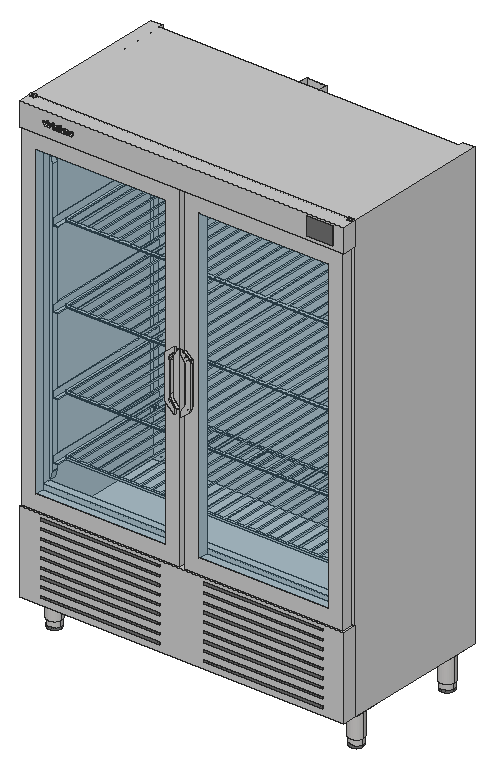
Revit family "QF_INFRICO_AN1002BTCR_250814093632", category Specialty Equipment, Revit 2021 (continued)
Definition of nested family "QF_INFRICO_LEGS_REACH_INS_5364"
  Types (32, lengths in mm): name | Right offset | Rear offset | Model | Length | Left offset | Height | Front offset | Depth | CentralLegs
    LEGS_1385_740\u001f_H | 47 | 88 | "LEGS_1385_640" | 1385 | 47 | 150 | 67 | 740 | no
    LEGS_687_740_H | 47 | 88 | "LEGS_687_740_H" | 687 | 47 | 150 | 67 | 740 | no
    LEGS_1385_740_H | 47 | 88 | "LEGS_1385_740_H" | 1385 | 47 | 150 | 67 | 740 | no
  Reference planes
    plane 1 "Back": y = 0
    plane 2: z = 0
    plane 3 "Left": x = 0
    plane 4 "Right": x = 930
    plane 5 "Front": y = -756
    plane 6 "Top": z = 150
    plane 7 "Left offset": x = 136
    plane 8 "Right offset": x = 702
    plane 9 "Rear offset": y = -163
    plane 10 "Front offset": y = -696
    plane 11 "Central": x = 465
  Dimensions and locks
    "Length": plane 3 "Left" to plane 4 "Right"
    "Depth": plane 5 "Front" to plane 1 "Back"
    "Left offset": plane 3 "Left" to plane 7 "Left offset"
    "Right offset": plane 8 "Right offset" to plane 4 "Right"
    "Rear offset": plane 9 "Rear offset" to plane 1 "Back"
    "Front offset": plane 10 "Front offset" to plane 5 "Front"
    "Height": plane 6 "Top" to plane 2
    equal spacing: plane 3 "Left", plane 11 "Central", plane 4 "Right"
    aligned and locked: level to plane 2
    aligned and locked: nested 1 to plane 9 "Rear offset"
    aligned and locked: nested 2 to plane 9 "Rear offset"
    aligned and locked: nested 1 to plane 7 "Left offset"
    aligned and locked: nested 2 to plane 8 "Right offset"
    aligned and locked: nested 3 to plane 10 "Front offset"
    aligned and locked: nested 4 to plane 10 "Front offset"
    aligned and locked: nested 3 to plane 7 "Left offset"
    aligned and locked: nested 4 to plane 8 "Right offset"
    aligned and locked: nested 6 to plane 11 "Central"
    aligned and locked: nested 5 to plane 11 "Central"
    aligned and locked: nested 6 to plane 10 "Front offset"
    aligned and locked: nested 5 to plane 9 "Rear offset"
  Nested families
    nested 1: "QF_INFRICO_LEGS" at (136, -163, 0), type "QF_INFRICO_LEGS"
      with Height 150 mm
    nested 2: "QF_INFRICO_LEGS" at (702, -163, 0), type "QF_INFRICO_LEGS"
      with Height 150 mm
    nested 3: "QF_INFRICO_LEGS" at (136, -696, 0), type "QF_INFRICO_LEGS"
      with Height 150 mm
    nested 4: "QF_INFRICO_LEGS" at (702, -696, 0), type "QF_INFRICO_LEGS"
      with Height 150 mm
    nested 5: "QF_INFRICO_LEGS" at (465, -163, 0), visible <- "CentralLegs", type "QF_INFRICO_LEGS"
      with Height 150 mm
    nested 6: "QF_INFRICO_LEGS" at (465, -696, 0), visible <- "CentralLegs", type "QF_INFRICO_LEGS"
      with Height 150 mm
  Definition of nested family "QF_INFRICO_LEGS"
    Parameters
      Height = 140 mm
      Default Elevation = 0 mm
    Reference planes
      plane 1 "Center (Front/Back)": y = 0
      plane 2: z = 0
      plane 3 "Center (Left/Right)": x = 0
      plane 4 "Top": z = 140
    Forms (mm)
      Extrusion 1, solid
        sketch origin (0, 0, 140) x (0, 1, 0) y (-1, 0, 0)
          loop
            line (50, 45) -> (-50, 45) -> (-50, -45) -> (50, -45) -> (50, 45)
        from 0 to -3
      Extrusion 2, solid
        sketch origin (-199.986, 580, 0) x (1, 0, 0) y (0, 1, 0)
          loop
            circle (199.986, -580) r 28
        from 9 to 35
      Extrusion 3, solid
        sketch origin (-199.986, 580, 0) x (1, 0, 0) y (0, 1, 0)
          loop
            circle (199.986, -580) r 28.5
        from 0 to 9
      Sweep 4, solid
        path origin (0, 0, 0) x (0, 1, 0) y (0, 0, 1)
          loop
            line (0, 137) -> (0, 35)
        profile origin (0, 0, 86) x (1, 0, 0) y (0, 1, 0)
          loop
            circle (0, 0) r 32
    Dimensions and locks
      "Height": plane 4 "Top" to plane 2
      aligned and locked: level to plane 2
    Automatic sketch dimensions
      plane 1 "Center (Front/Back)" to Extrusion 1 sketch curve = 50 mm
      Extrusion 1 sketch curve to plane 1 "Center (Front/Back)" = 50 mm
      plane 3 "Center (Left/Right)" to Extrusion 1 sketch curve = 45 mm
      Extrusion 1 sketch curve to plane 3 "Center (Left/Right)" = 45 mm
      plane 1 "Center (Front/Back)" to Extrusion 2 sketch curve = 0 mm
      Extrusion 2 sketch curve to plane 3 "Center (Left/Right)" = 0 mm
      plane 1 "Center (Front/Back)" to Extrusion 3 sketch curve = 0 mm
      Extrusion 3 sketch curve to plane 3 "Center (Left/Right)" = 0 mm
      Sweep 4 sketch curve to plane 1 "Center (Front/Back)" = 0 mm
      level to Sweep 4 sketch curve = 35 mm
      Sweep 4 sketch curve to plane 4 "Top" = 3 mm
      Sweep 4 sketch curve to plane 3 "Center (Left/Right)" = 0 mm
      profile plane to Sweep 4 sketch curve = 0 mm
      radius of Extrusion 2 sketch curve = 28 mm
      radius of Extrusion 3 sketch curve = 28.5 mm
      radius of Sweep 4 sketch curve = 32 mm
Definition of nested family "CONN_POINT_DRAIN_2D___Generic_Annotation"
  Parameters (values of type "CONN_POINT_DRAIN_2D___Generic_Annotation")
    Onboard connection annotation symbol visibility [instance] = yes
  Reference planes
    plane 1: y = 0
    plane 2: x = 0
  Lines and regions (mm)
    detail lines, visible <- "Onboard connection annotation symbol visibility"
      curve 1: circle (0, 0, 0) r 0.5 normal (0, 0, 1)
      curve 2: line (-1, 0, 0) -> (1, 0, 0)
      curve 3: line (0, 1, 0) -> (0, -1, 0)
      curve 4: line (1.776, 1, 0) -> (1.25, 1, 0)
      curve 5: line (1.25, 1, 0) -> (1.25, -1, 0)
      curve 6: line (1.25, -1, 0) -> (1.776, -1, 0)
      curve 7: arc (2.206, -0.862, 0) -> (2.459, -0.589, 0) -> (2.583, -0.238, 0) r 0.918
      curve 8: arc (2.583, 0.238, 0) -> (2.459, 0.589, 0) -> (2.206, 0.862, 0) r 0.918
      curve 9: arc (2.583, -0.238, 0) -> (2.599, 0, 0) -> (2.583, 0.238, 0) r 1.77
      curve 10: arc (2.206, 0.862, 0) -> (2.002, 0.965, 0) -> (1.776, 1, 0) r 0.741
      curve 11: arc (1.776, -1, 0) -> (2.002, -0.965, 0) -> (2.206, -0.862, 0) r 0.741
Definition of nested family "CONN_POINT_ELE_2D___Generic_Annotation"
  Parameters (values of type "CONN_POINT_ELE_2D___Generic_Annotation")
    Onboard connection annotation symbol visibility [instance] = yes
  Reference planes
    plane 1: y = 0
    plane 2: x = 0
  Lines and regions (mm)
    detail lines, visible <- "Onboard connection annotation symbol visibility"
      curve 1: circle (0, 0, 0) r 0.5 normal (0, 0, 1)
      curve 2: line (-1, 0, 0) -> (1, 0, 0)
      curve 3: line (0, 1, 0) -> (0, -1, 0)
      curve 4: line (2.5, 1, 0) -> (1.25, 1, 0)
      curve 5: line (1.25, 1, 0) -> (1.25, -1, 0)
      curve 6: line (1.25, -1, 0) -> (2.5, -1, 0)
      curve 7: line (1.25, 0, 0) -> (2, 0, 0)
